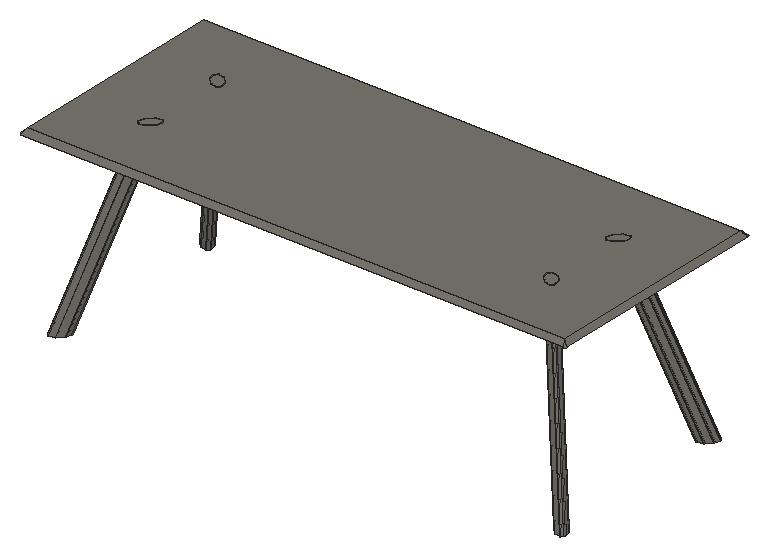
Revit family "Table-Rectangle-Teknion-STBSS_Qui_Without_Power-R2014", category Furniture, Revit 2014
Parameters (values of type "25.5" High")
  Width = 75.000"
  Warranty = "https://d2r72yk5wmppdj.cloudfront.net/m/3754bc876d846fdf/StudioTK--Warranty.pdf"
  Unit Weight = 85.00 lbf  # constant formula
  URL = "www.studiotk.com"
  Table Finish [instance] = Wood - Teknion - DY - Cocoa Brown
  Series = "Studio"
  Product Line = "Qui"
  Product Documentation Link = "https://d2r72yk5wmppdj.cloudfront.net/m/6a067d0f21732b57/Qui_Tables_ppg.pdf"
  Part Number = "STBSS"
  Model = "STBSSF25N"
  Manufacturer Phone = "919-464-2920"
  Manufacturer Fax = "919-464-2927"
  Manufacturer Email = "customersupport@studiotk.com"
  Manufacturer Address = "3941 US 70 Business HWY West, Clayton, NC 27520"
  Manufacturer = "StudioTK"  # constant formula
  Low Emitting Material = yes
  Low Emitting Finish = yes
  Height = 25.500"
  Description = "Qui Rectangular Table Without Power, 31.5\"d x 75\"w / 80cm x 191cm, 25.5\"h / 65cm"
  Depth = 31.500"
  Assembly Code = "E2020200"
Types (3): name | Model | Height | Description
  (no name) | "STBSSF25N" | 25.500" | "Qui Rectangular Table Without Power, 31.5\"d x 75\"w / 80cm x 191cm, 25.5\"h / 65cm"
  25.5" High | "STBSSF25N" | 25.500" | "Qui Rectangular Table Without Power, 31.5\"d x 75\"w / 80cm x 191cm, 25.5\"h / 65cm"
  29" High | "STBSSF29N" | 29.000" | "Qui Rectangular Table Without Power, 31.5\"d x 75\"w / 80cm x 191cm, 29\"h / 74cm"
Reference planes (in)
  plane 1 "Center F/B": y = 0
  plane 2: z = 0
  plane 3 "Center L/R": x = 0
  plane 4 "Left": x = -37.5
  plane 5 "Right": x = 37.5
  plane 6 "Back": y = 15.75
  plane 7 "Front": y = -15.75
  plane 8 "Top": z = 25.5
  plane 9 "Table Base": z = 24.875
  plane 10 "Table Bottom": z = 23.375
  plane 11 "Leg Top": z = 25.525
  plane 12 "Leg Bottom": z = -3.5
  plane 13: x = -21.75
  plane 14: x = 21.75
Forms (in)
  Blend 1, solid, material "Wood - Teknion - DY - Cocoa Brown" <- "Table Finish"
    base sketch origin (0, 0, 23.375) x (-1, 0, 0) y (0, -1, 0)
      loop
        line (30.25, -8.5) -> (30.25, 8.5) -> (-30.25, 8.5) -> (-30.25, -8.5) -> (30.25, -8.5)
    top sketch origin (0, 0, 23.375) x (-1, 0, 0) y (0, -1, 0)
      loop
        line (-31.25, -9.5) -> (31.25, -9.5) -> (31.25, 9.5) -> (-31.25, 9.5) -> (-31.25, -9.5)
    from 0 to 1.5
  Blend 2, solid, material "Wood - Teknion - DY - Cocoa Brown" <- "Table Finish"
    base sketch origin (0, 0, 25.525) x (0, -1, 0) y (1, 0, 0)
      loop
        line (-12.50538, -34.51387) -> (-12.76387, -34.25538)
        arc (-12.76387, -34.25538) -> (-12.82837, -34.21732) -> (-12.90323, -34.21518) r 0.15
        line (-12.90323, -34.21518) -> (-13.66716, -34.38908)
        arc (-13.66716, -34.38908) -> (-13.70639, -34.40404) -> (-13.73993, -34.42927) r 0.15
        line (-13.73993, -34.42927) -> (-14.48351, -35.17285)
        arc (-14.48351, -35.17285) -> (-14.50874, -35.20639) -> (-14.5237, -35.24562) r 0.15
        line (-14.5237, -35.24562) -> (-14.69759, -36.00955)
        arc (-14.69759, -36.00955) -> (-14.69546, -36.08441) -> (-14.6574, -36.14891) r 0.15
        line (-14.6574, -36.14891) -> (-14.39891, -36.4074)
        arc (-14.39891, -36.4074) -> (-14.33441, -36.44546) -> (-14.25955, -36.44759) r 0.15
        line (-14.25955, -36.44759) -> (-13.49562, -36.2737)
        arc (-13.49562, -36.2737) -> (-13.45639, -36.25874) -> (-13.42285, -36.23351) r 0.15
        line (-13.42285, -36.23351) -> (-12.67927, -35.48993)
        arc (-12.67927, -35.48993) -> (-12.65404, -35.45639) -> (-12.63908, -35.41716) r 0.15
        line (-12.63908, -35.41716) -> (-12.46518, -34.65323)
        arc (-12.46518, -34.65323) -> (-12.46732, -34.57837) -> (-12.50538, -34.51387) r 0.15
    top sketch origin (0, 0, 25.525) x (0, -1, 0) y (1, 0, 0)
      loop
        line (-4.67569, -26.68418) -> (-4.93418, -26.42569)
        arc (-4.93418, -26.42569) -> (-4.99868, -26.38763) -> (-5.07354, -26.3855) r 0.15
        line (-5.07354, -26.3855) -> (-5.83747, -26.55939)
        arc (-5.83747, -26.55939) -> (-5.8767, -26.57435) -> (-5.91025, -26.59959) r 0.15
        line (-5.91025, -26.59959) -> (-6.65382, -27.34316)
        arc (-6.65382, -27.34316) -> (-6.67906, -27.3767) -> (-6.69401, -27.41593) r 0.15
        line (-6.69401, -27.41593) -> (-6.86791, -28.17987)
        arc (-6.86791, -28.17987) -> (-6.86577, -28.25473) -> (-6.82771, -28.31922) r 0.15
        line (-6.82771, -28.31922) -> (-6.56922, -28.57771)
        arc (-6.56922, -28.57771) -> (-6.50473, -28.61577) -> (-6.42987, -28.61791) r 0.15
        line (-6.42987, -28.61791) -> (-5.66593, -28.44401)
        arc (-5.66593, -28.44401) -> (-5.6267, -28.42906) -> (-5.59316, -28.40382) r 0.15
        line (-5.59316, -28.40382) -> (-4.84959, -27.66025)
        arc (-4.84959, -27.66025) -> (-4.82435, -27.6267) -> (-4.80939, -27.58747) r 0.15
        line (-4.80939, -27.58747) -> (-4.6355, -26.82354)
        arc (-4.6355, -26.82354) -> (-4.63763, -26.74868) -> (-4.67569, -26.68418) r 0.15
    from -29.025 to -0.025
  Blend 3, solid, material "Wood - Teknion - DY - Cocoa Brown" <- "Table Finish"
    base sketch origin (-21.75, 21.75, 25.525) x (1, 0, 0) y (0, 1, 0)
      loop
        line (-12.50538, -34.51387) -> (-12.76387, -34.25538)
        arc (-12.76387, -34.25538) -> (-12.82837, -34.21732) -> (-12.90323, -34.21518) r 0.15
        line (-12.90323, -34.21518) -> (-13.66716, -34.38908)
        arc (-13.66716, -34.38908) -> (-13.70639, -34.40404) -> (-13.73993, -34.42927) r 0.15
        line (-13.73993, -34.42927) -> (-14.48351, -35.17285)
        arc (-14.48351, -35.17285) -> (-14.50874, -35.20639) -> (-14.5237, -35.24562) r 0.15
        line (-14.5237, -35.24562) -> (-14.69759, -36.00955)
        arc (-14.69759, -36.00955) -> (-14.69546, -36.08441) -> (-14.6574, -36.14891) r 0.15
        line (-14.6574, -36.14891) -> (-14.39891, -36.4074)
        arc (-14.39891, -36.4074) -> (-14.33441, -36.44546) -> (-14.25955, -36.44759) r 0.15
        line (-14.25955, -36.44759) -> (-13.49562, -36.2737)
        arc (-13.49562, -36.2737) -> (-13.45639, -36.25874) -> (-13.42285, -36.23351) r 0.15
        line (-13.42285, -36.23351) -> (-12.67927, -35.48993)
        arc (-12.67927, -35.48993) -> (-12.65404, -35.45639) -> (-12.63908, -35.41716) r 0.15
        line (-12.63908, -35.41716) -> (-12.46518, -34.65323)
        arc (-12.46518, -34.65323) -> (-12.46732, -34.57837) -> (-12.50538, -34.51387) r 0.15
    top sketch origin (-21.75, 21.75, 25.525) x (1, 0, 0) y (0, 1, 0)
      loop
        line (-4.67569, -26.68418) -> (-4.93418, -26.42569)
        arc (-4.93418, -26.42569) -> (-4.99868, -26.38763) -> (-5.07354, -26.3855) r 0.15
        line (-5.07354, -26.3855) -> (-5.83747, -26.55939)
        arc (-5.83747, -26.55939) -> (-5.8767, -26.57435) -> (-5.91025, -26.59959) r 0.15
        line (-5.91025, -26.59959) -> (-6.65382, -27.34316)
        arc (-6.65382, -27.34316) -> (-6.67906, -27.3767) -> (-6.69401, -27.41593) r 0.15
        line (-6.69401, -27.41593) -> (-6.86791, -28.17987)
        arc (-6.86791, -28.17987) -> (-6.86577, -28.25473) -> (-6.82771, -28.31922) r 0.15
        line (-6.82771, -28.31922) -> (-6.56922, -28.57771)
        arc (-6.56922, -28.57771) -> (-6.50473, -28.61577) -> (-6.42987, -28.61791) r 0.15
        line (-6.42987, -28.61791) -> (-5.66593, -28.44401)
        arc (-5.66593, -28.44401) -> (-5.6267, -28.42906) -> (-5.59316, -28.40382) r 0.15
        line (-5.59316, -28.40382) -> (-4.84959, -27.66025)
        arc (-4.84959, -27.66025) -> (-4.82435, -27.6267) -> (-4.80939, -27.58747) r 0.15
        line (-4.80939, -27.58747) -> (-4.6355, -26.82354)
        arc (-4.6355, -26.82354) -> (-4.63763, -26.74868) -> (-4.67569, -26.68418) r 0.15
    from -29.025 to -0.025
  Blend 4, solid, material "Wood - Teknion - DY - Cocoa Brown" <- "Table Finish"
    base sketch origin (0, 0, 25.525) x (0, 1, 0) y (-1, 0, 0)
      loop
        line (-12.50538, -34.51387) -> (-12.76387, -34.25538)
        arc (-12.76387, -34.25538) -> (-12.82837, -34.21732) -> (-12.90323, -34.21518) r 0.15
        line (-12.90323, -34.21518) -> (-13.66716, -34.38908)
        arc (-13.66716, -34.38908) -> (-13.70639, -34.40404) -> (-13.73993, -34.42927) r 0.15
        line (-13.73993, -34.42927) -> (-14.48351, -35.17285)
        arc (-14.48351, -35.17285) -> (-14.50874, -35.20639) -> (-14.5237, -35.24562) r 0.15
        line (-14.5237, -35.24562) -> (-14.69759, -36.00955)
        arc (-14.69759, -36.00955) -> (-14.69546, -36.08441) -> (-14.6574, -36.14891) r 0.15
        line (-14.6574, -36.14891) -> (-14.39891, -36.4074)
        arc (-14.39891, -36.4074) -> (-14.33441, -36.44546) -> (-14.25955, -36.44759) r 0.15
        line (-14.25955, -36.44759) -> (-13.49562, -36.2737)
        arc (-13.49562, -36.2737) -> (-13.45639, -36.25874) -> (-13.42285, -36.23351) r 0.15
        line (-13.42285, -36.23351) -> (-12.67927, -35.48993)
        arc (-12.67927, -35.48993) -> (-12.65404, -35.45639) -> (-12.63908, -35.41716) r 0.15
        line (-12.63908, -35.41716) -> (-12.46518, -34.65323)
        arc (-12.46518, -34.65323) -> (-12.46732, -34.57837) -> (-12.50538, -34.51387) r 0.15
    top sketch origin (0, 0, 25.525) x (0, 1, 0) y (-1, 0, 0)
      loop
        arc (-4.93418, -26.42569) -> (-4.99868, -26.38763) -> (-5.07354, -26.3855) r 0.15
        line (-5.07354, -26.3855) -> (-5.83747, -26.55939)
        arc (-5.83747, -26.55939) -> (-5.8767, -26.57435) -> (-5.91025, -26.59959) r 0.15
        line (-5.91025, -26.59959) -> (-6.65382, -27.34316)
        arc (-6.65382, -27.34316) -> (-6.67906, -27.3767) -> (-6.69401, -27.41593) r 0.15
        line (-6.69401, -27.41593) -> (-6.86791, -28.17987)
        arc (-6.86791, -28.17987) -> (-6.86577, -28.25473) -> (-6.82771, -28.31922) r 0.15
        line (-6.82771, -28.31922) -> (-6.56922, -28.57771)
        arc (-6.56922, -28.57771) -> (-6.50473, -28.61577) -> (-6.42987, -28.61791) r 0.15
        line (-6.42987, -28.61791) -> (-5.66593, -28.44401)
        arc (-5.66593, -28.44401) -> (-5.6267, -28.42906) -> (-5.59316, -28.40382) r 0.15
        line (-5.59316, -28.40382) -> (-4.84959, -27.66025)
        arc (-4.84959, -27.66025) -> (-4.82435, -27.6267) -> (-4.80939, -27.58747) r 0.15
        line (-4.80939, -27.58747) -> (-4.6355, -26.82354)
        arc (-4.6355, -26.82354) -> (-4.63763, -26.74868) -> (-4.67569, -26.68418) r 0.15
        line (-4.67569, -26.68418) -> (-4.93418, -26.42569)
    from -29.025 to -0.025
  Blend 5, solid, material "Wood - Teknion - DY - Cocoa Brown" <- "Table Finish"
    base sketch origin (21.75, -21.75, 25.525) x (-1, 0, 0) y (0, -1, 0)
      loop
        line (-12.50538, -34.51387) -> (-12.76387, -34.25538)
        arc (-12.76387, -34.25538) -> (-12.82837, -34.21732) -> (-12.90323, -34.21518) r 0.15
        line (-12.90323, -34.21518) -> (-13.66716, -34.38908)
        arc (-13.66716, -34.38908) -> (-13.70639, -34.40404) -> (-13.73993, -34.42927) r 0.15
        line (-13.73993, -34.42927) -> (-14.48351, -35.17285)
        arc (-14.48351, -35.17285) -> (-14.50874, -35.20639) -> (-14.5237, -35.24562) r 0.15
        line (-14.5237, -35.24562) -> (-14.69759, -36.00955)
        arc (-14.69759, -36.00955) -> (-14.69546, -36.08441) -> (-14.6574, -36.14891) r 0.15
        line (-14.6574, -36.14891) -> (-14.39891, -36.4074)
        arc (-14.39891, -36.4074) -> (-14.33441, -36.44546) -> (-14.25955, -36.44759) r 0.15
        line (-14.25955, -36.44759) -> (-13.49562, -36.2737)
        arc (-13.49562, -36.2737) -> (-13.45639, -36.25874) -> (-13.42285, -36.23351) r 0.15
        line (-13.42285, -36.23351) -> (-12.67927, -35.48993)
        arc (-12.67927, -35.48993) -> (-12.65404, -35.45639) -> (-12.63908, -35.41716) r 0.15
        line (-12.63908, -35.41716) -> (-12.46518, -34.65323)
        arc (-12.46518, -34.65323) -> (-12.46732, -34.57837) -> (-12.50538, -34.51387) r 0.15
    top sketch origin (21.75, -21.75, 25.525) x (-1, 0, 0) y (0, -1, 0)
      loop
        arc (-4.93418, -26.42569) -> (-4.99868, -26.38763) -> (-5.07354, -26.3855) r 0.15
        line (-5.07354, -26.3855) -> (-5.83747, -26.55939)
        arc (-5.83747, -26.55939) -> (-5.8767, -26.57435) -> (-5.91025, -26.59959) r 0.15
        line (-5.91025, -26.59959) -> (-6.65382, -27.34316)
        arc (-6.65382, -27.34316) -> (-6.67906, -27.3767) -> (-6.69401, -27.41593) r 0.15
        line (-6.69401, -27.41593) -> (-6.86791, -28.17987)
        arc (-6.86791, -28.17987) -> (-6.86577, -28.25473) -> (-6.82771, -28.31922) r 0.15
        line (-6.82771, -28.31922) -> (-6.56922, -28.57771)
        arc (-6.56922, -28.57771) -> (-6.50473, -28.61577) -> (-6.42987, -28.61791) r 0.15
        line (-6.42987, -28.61791) -> (-5.66593, -28.44401)
        arc (-5.66593, -28.44401) -> (-5.6267, -28.42906) -> (-5.59316, -28.40382) r 0.15
        line (-5.59316, -28.40382) -> (-4.84959, -27.66025)
        arc (-4.84959, -27.66025) -> (-4.82435, -27.6267) -> (-4.80939, -27.58747) r 0.15
        line (-4.80939, -27.58747) -> (-4.6355, -26.82354)
        arc (-4.6355, -26.82354) -> (-4.63763, -26.74868) -> (-4.67569, -26.68418) r 0.15
        line (-4.67569, -26.68418) -> (-4.93418, -26.42569)
    from -29.025 to -0.025
  Sweep 6, void
    path origin (0, 0, 0) x (1, 0, 0) y (0, 0, 1)
      loop
        line (0, -5) -> (0, 0)
    profile origin (0, 0, -2.5) x (-1, 0, 0) y (0, -1, 0)
      loop
        line (37.5, -15.75) -> (37.5, 15.75) -> (-37.5, 15.75) -> (-37.5, -15.75) -> (37.5, -15.75)
  Sweep 7, void
    path origin (0, 0, 0) x (1, 0, 0) y (0, 0, 1)
      loop
        line (0, 25.5) -> (0, 25.25)
    profile origin (0, 0, 25.375) x (0, -1, 0) y (1, 0, 0)
      loop
        line (-6.83903, -28.33054) -> (-6.58054, -28.58903)
        arc (-6.58054, -28.58903) -> (-6.50916, -28.63115) -> (-6.42631, -28.63351) r 0.166
        line (-6.42631, -28.63351) -> (-5.66238, -28.45961)
        arc (-5.66238, -28.45961) -> (-5.61897, -28.44306) -> (-5.58184, -28.41513) r 0.166
        line (-5.58184, -28.41513) -> (-4.83827, -27.67156)
        arc (-4.83827, -27.67156) -> (-4.81034, -27.63444) -> (-4.79379, -27.59102) r 0.166
        line (-4.79379, -27.59102) -> (-4.6199, -26.82709)
        arc (-4.6199, -26.82709) -> (-4.62226, -26.74424) -> (-4.66438, -26.67287) r 0.166
        line (-4.66438, -26.67287) -> (-4.92287, -26.41438)
        arc (-4.92287, -26.41438) -> (-4.99424, -26.37226) -> (-5.07709, -26.3699) r 0.166
        line (-5.07709, -26.3699) -> (-5.84102, -26.54379)
        arc (-5.84102, -26.54379) -> (-5.88444, -26.56034) -> (-5.92156, -26.58827) r 0.166
        line (-5.92156, -26.58827) -> (-6.66513, -27.33184)
        arc (-6.66513, -27.33184) -> (-6.69306, -27.36897) -> (-6.70961, -27.41238) r 0.166
        line (-6.70961, -27.41238) -> (-6.88351, -28.17631)
        arc (-6.88351, -28.17631) -> (-6.88115, -28.25916) -> (-6.83903, -28.33054) r 0.166
      loop
        arc (6.42631, -28.63351) -> (6.50916, -28.63115) -> (6.58054, -28.58903) r 0.166
        line (6.58054, -28.58903) -> (6.83903, -28.33054)
        arc (6.83903, -28.33054) -> (6.88115, -28.25916) -> (6.88351, -28.17631) r 0.166
        line (6.88351, -28.17631) -> (6.70961, -27.41238)
        arc (6.70961, -27.41238) -> (6.69306, -27.36897) -> (6.66513, -27.33184) r 0.166
        line (6.66513, -27.33184) -> (5.92156, -26.58827)
        arc (5.92156, -26.58827) -> (5.88444, -26.56034) -> (5.84102, -26.54379) r 0.166
        line (5.84102, -26.54379) -> (5.07709, -26.3699)
        arc (5.07709, -26.3699) -> (4.99424, -26.37226) -> (4.92287, -26.41438) r 0.166
        line (4.92287, -26.41438) -> (4.66438, -26.67287)
        arc (4.66438, -26.67287) -> (4.62226, -26.74424) -> (4.6199, -26.82709) r 0.166
        line (4.6199, -26.82709) -> (4.79379, -27.59102)
        arc (4.79379, -27.59102) -> (4.81034, -27.63444) -> (4.83827, -27.67156) r 0.166
        line (4.83827, -27.67156) -> (5.58184, -28.41513)
        arc (5.58184, -28.41513) -> (5.61897, -28.44306) -> (5.66238, -28.45961) r 0.166
        line (5.66238, -28.45961) -> (6.42631, -28.63351)
      loop
        arc (6.88351, 28.17631) -> (6.88115, 28.25916) -> (6.83903, 28.33054) r 0.166
        line (6.83903, 28.33054) -> (6.58054, 28.58903)
        arc (6.58054, 28.58903) -> (6.50916, 28.63115) -> (6.42631, 28.63351) r 0.166
        line (6.42631, 28.63351) -> (5.66238, 28.45961)
        arc (5.66238, 28.45961) -> (5.61897, 28.44306) -> (5.58184, 28.41513) r 0.166
        line (5.58184, 28.41513) -> (4.83827, 27.67156)
        arc (4.83827, 27.67156) -> (4.81034, 27.63444) -> (4.79379, 27.59102) r 0.166
        line (4.79379, 27.59102) -> (4.6199, 26.82709)
        arc (4.6199, 26.82709) -> (4.62226, 26.74424) -> (4.66438, 26.67287) r 0.166
        line (4.66438, 26.67287) -> (4.92287, 26.41438)
        arc (4.92287, 26.41438) -> (4.99424, 26.37226) -> (5.07709, 26.3699) r 0.166
        line (5.07709, 26.3699) -> (5.84102, 26.54379)
        arc (5.84102, 26.54379) -> (5.88444, 26.56034) -> (5.92156, 26.58827) r 0.166
        line (5.92156, 26.58827) -> (6.66513, 27.33184)
        arc (6.66513, 27.33184) -> (6.69306, 27.36897) -> (6.70961, 27.41238) r 0.166
        line (6.70961, 27.41238) -> (6.88351, 28.17631)
      loop
        arc (-6.83903, 28.33054) -> (-6.88115, 28.25916) -> (-6.88351, 28.17631) r 0.166
        line (-6.88351, 28.17631) -> (-6.70961, 27.41238)
        arc (-6.70961, 27.41238) -> (-6.69306, 27.36897) -> (-6.66513, 27.33184) r 0.166
        line (-6.66513, 27.33184) -> (-5.92156, 26.58827)
        arc (-5.92156, 26.58827) -> (-5.88444, 26.56034) -> (-5.84102, 26.54379) r 0.166
        line (-5.84102, 26.54379) -> (-5.07709, 26.3699)
        arc (-5.07709, 26.3699) -> (-4.99424, 26.37226) -> (-4.92287, 26.41438) r 0.166
        line (-4.92287, 26.41438) -> (-4.66438, 26.67287)
        arc (-4.66438, 26.67287) -> (-4.62226, 26.74424) -> (-4.6199, 26.82709) r 0.166
        line (-4.6199, 26.82709) -> (-4.79379, 27.59102)
        arc (-4.79379, 27.59102) -> (-4.81034, 27.63444) -> (-4.83827, 27.67156) r 0.166
        line (-4.83827, 27.67156) -> (-5.58184, 28.41513)
        arc (-5.58184, 28.41513) -> (-5.61897, 28.44306) -> (-5.66238, 28.45961) r 0.166
        line (-5.66238, 28.45961) -> (-6.42631, 28.63351)
        arc (-6.42631, 28.63351) -> (-6.50916, 28.63115) -> (-6.58054, 28.58903) r 0.166
        line (-6.58054, 28.58903) -> (-6.83903, 28.33054)
  Blend 8, solid, material "Wood - Teknion - DY - Cocoa Brown" <- "Table Finish"
    base sketch origin (-60.50319, 50.35166, 24.875) x (0, 1, 0) y (-1, 0, 0)
      loop
        arc (-34.85166, -98.00319) -> (-34.67488, -97.92996) -> (-34.60166, -97.75319) r 0.25
        line (-34.60166, -97.75319) -> (-34.60166, -23.25319)
        arc (-34.60166, -23.25319) -> (-34.67488, -23.07641) -> (-34.85166, -23.00319) r 0.25
        line (-34.85166, -23.00319) -> (-65.85166, -23.00319)
        arc (-65.85166, -23.00319) -> (-66.02843, -23.07641) -> (-66.10166, -23.25319) r 0.25
        line (-66.10166, -23.25319) -> (-66.10166, -97.75319)
        arc (-66.10166, -97.75319) -> (-66.02843, -97.92996) -> (-65.85166, -98.00319) r 0.25
        line (-65.85166, -98.00319) -> (-34.85166, -98.00319)
    top sketch origin (-60.50319, 50.35166, 25.5) x (0, 1, 0) y (-1, 0, 0)
      loop
        line (-65.47666, -97.37819) -> (-35.22666, -97.37819) -> (-35.22666, -23.62819) -> (-65.47666, -23.62819) -> (-65.47666, -97.37819)
    from 0 to 0
Cuts and joins
  Sweep 6 cuts Blend 3
  Sweep 6 cuts Blend 2
  Sweep 6 cuts Blend 5
  Sweep 6 cuts Blend 4
  Sweep 7 cuts Blend 8
Lines and regions (in)
  Masking region 1
    outline origin (0, 0, 25.525) x (0, -1, 0) y (1, 0, 0)
      loop
        line (-15.75, -37.5) -> (15.75, -37.5) -> (15.75, 37.5) -> (-15.75, 37.5) -> (-15.75, -37.5)
  symbolic lines, detail levels medium+fine
    curve 1: line (36.875, 15.125, 25.525) -> (-36.875, 15.125, 25.525)
    curve 2: line (-36.875, 15.125, 25.525) -> (-36.875, -15.125, 25.525)
    curve 3: line (-36.875, -15.125, 25.525) -> (36.875, -15.125, 25.525)
    curve 4: line (36.875, -15.125, 25.525) -> (36.875, 15.125, 25.525)
  symbolic lines, style "Hidden Lines", detail levels fine
    curve 5: line (31.25, 9.5, 25.525) -> (-31.25, 9.5, 25.525)
    curve 6: line (-30.25, 8.5, 25.525) -> (30.25, 8.5, 25.525)
    curve 7: line (-30.25, -8.5, 25.525) -> (-30.25, 8.5, 25.525)
    curve 8: line (-31.25, 9.5, 25.525) -> (-31.25, -9.5, 25.525)
    curve 9: line (30.25, -8.5, 25.525) -> (-30.25, -8.5, 25.525)
    curve 10: line (-31.25, -9.5, 25.525) -> (31.25, -9.5, 25.525)
    curve 11: line (30.25, 8.5, 25.525) -> (30.25, -8.5, 25.525)
    curve 12: line (31.25, -9.5, 25.525) -> (31.25, 9.5, 25.525)
    curve 13: line (-35.20344, 14.5141, 25.525) -> (-26.59959, 5.91025, 25.525)
    curve 14: line (-36.00955, 14.69759, 25.525) -> (-35.20344, 14.5141, 25.525)
    curve 15: line (-36.4074, 14.39891, 25.525) -> (-36.14891, 14.6574, 25.525)
    curve 16: line (-36.2737, 13.49562, 25.525) -> (-36.44759, 14.25955, 25.525)
    curve 17: line (-27.66025, 4.84959, 25.525) -> (-36.23351, 13.42285, 25.525)
    curve 18: line (-34.65323, 12.46518, 25.525) -> (-35.41716, 12.63908, 25.525)
    curve 19: line (-34.25538, 12.76387, 25.525) -> (-34.51387, 12.50538, 25.525)
    curve 20: line (-34.38908, 13.66716, 25.525) -> (-34.21518, 12.90323, 25.525)
    curve 21: line (-36.23351, -13.42285, 25.525) -> (-27.66025, -4.84959, 25.525)
    curve 22: line (-26.59959, -5.91025, 25.525) -> (-35.17285, -14.48351, 25.525)
    curve 23: line (-36.44759, -14.25955, 25.525) -> (-36.2737, -13.49562, 25.525)
    curve 24: line (-36.14891, -14.6574, 25.525) -> (-36.4074, -14.39891, 25.525)
    curve 25: line (-35.24562, -14.5237, 25.525) -> (-36.00955, -14.69759, 25.525)
    curve 26: line (-34.21518, -12.90323, 25.525) -> (-34.38908, -13.66716, 25.525)
    curve 27: line (-35.41716, -12.63908, 25.525) -> (-34.65323, -12.46518, 25.525)
    curve 28: line (-34.51387, -12.50538, 25.525) -> (-34.25538, -12.76387, 25.525)
    curve 29: line (35.17285, -14.48351, 25.525) -> (26.59959, -5.91025, 25.525)
    curve 30: line (27.66025, -4.84959, 25.525) -> (36.23351, -13.42285, 25.525)
    curve 31: line (34.65323, -12.46518, 25.525) -> (35.41716, -12.63908, 25.525)
    curve 32: line (34.25538, -12.76387, 25.525) -> (34.51387, -12.50538, 25.525)
    curve 33: line (34.38908, -13.66716, 25.525) -> (34.21518, -12.90323, 25.525)
    curve 34: line (36.00955, -14.69759, 25.525) -> (35.24562, -14.5237, 25.525)
    curve 35: line (36.4074, -14.39891, 25.525) -> (36.14891, -14.6574, 25.525)
    curve 36: line (36.2737, -13.49562, 25.525) -> (36.44759, -14.25955, 25.525)
    curve 37: line (36.23351, 13.42285, 25.525) -> (27.66025, 4.84959, 25.525)
    curve 38: line (26.59959, 5.91025, 25.525) -> (35.17285, 14.48351, 25.525)
    curve 39: line (35.24562, 14.5237, 25.525) -> (36.00955, 14.69759, 25.525)
    curve 40: line (36.14891, 14.6574, 25.525) -> (36.4074, 14.39891, 25.525)
    curve 41: line (36.44759, 14.25955, 25.525) -> (36.2737, 13.49562, 25.525)
    curve 42: line (35.41716, 12.63908, 25.525) -> (34.65323, 12.46518, 25.525)
    curve 43: line (34.51387, 12.50538, 25.525) -> (34.25538, 12.76387, 25.525)
    curve 44: line (34.21518, 12.90323, 25.525) -> (34.38908, 13.66716, 25.525)
    curve 45: arc (35.17285, 14.48351, 25.525) -> (35.20639, 14.50874, 25.525) -> (35.24562, 14.5237, 25.525) r 0.15
    curve 46: arc (36.00955, 14.69759, 25.525) -> (36.08441, 14.69546, 25.525) -> (36.14891, 14.6574, 25.525) r 0.15
    curve 47: arc (36.4074, 14.39891, 25.525) -> (36.44546, 14.33441, 25.525) -> (36.44759, 14.25955, 25.525) r 0.15
    curve 48: arc (36.2737, 13.49562, 25.525) -> (36.25874, 13.45639, 25.525) -> (36.23351, 13.42285, 25.525) r 0.15
    curve 49: arc (35.48993, 12.67927, 25.525) -> (35.45639, 12.65404, 25.525) -> (35.41716, 12.63908, 25.525) r 0.15
    curve 50: arc (34.65323, 12.46518, 25.525) -> (34.57837, 12.46732, 25.525) -> (34.51387, 12.50538, 25.525) r 0.15
    curve 51: arc (34.25538, 12.76387, 25.525) -> (34.21732, 12.82837, 25.525) -> (34.21518, 12.90323, 25.525) r 0.15
    curve 52: arc (34.38908, 13.66716, 25.525) -> (34.40404, 13.70639, 25.525) -> (34.42927, 13.73993, 25.525) r 0.15
    curve 53: arc (36.23351, -13.42285, 25.525) -> (36.25874, -13.45639, 25.525) -> (36.2737, -13.49562, 25.525) r 0.15
    curve 54: arc (36.44759, -14.25955, 25.525) -> (36.44546, -14.33441, 25.525) -> (36.4074, -14.39891, 25.525) r 0.15
    curve 55: arc (36.14891, -14.6574, 25.525) -> (36.08441, -14.69546, 25.525) -> (36.00955, -14.69759, 25.525) r 0.15
    curve 56: arc (35.24562, -14.5237, 25.525) -> (35.20639, -14.50874, 25.525) -> (35.17285, -14.48351, 25.525) r 0.15
    curve 57: arc (34.42927, -13.73993, 25.525) -> (34.40404, -13.70639, 25.525) -> (34.38908, -13.66716, 25.525) r 0.15
    curve 58: arc (34.21518, -12.90323, 25.525) -> (34.21732, -12.82837, 25.525) -> (34.25538, -12.76387, 25.525) r 0.15
    curve 59: arc (34.51387, -12.50538, 25.525) -> (34.57837, -12.46732, 25.525) -> (34.65323, -12.46518, 25.525) r 0.15
    curve 60: arc (35.41716, -12.63908, 25.525) -> (35.45639, -12.65404, 25.525) -> (35.48993, -12.67927, 25.525) r 0.15
    curve 61: arc (-34.38908, -13.66716, 25.525) -> (-34.40404, -13.70639, 25.525) -> (-34.42927, -13.73993, 25.525) r 0.15
    curve 62: arc (-34.25538, -12.76387, 25.525) -> (-34.21732, -12.82837, 25.525) -> (-34.21518, -12.90323, 25.525) r 0.15
    curve 63: arc (-34.65323, -12.46518, 25.525) -> (-34.57837, -12.46732, 25.525) -> (-34.51387, -12.50538, 25.525) r 0.15
    curve 64: arc (-35.48993, -12.67927, 25.525) -> (-35.45639, -12.65404, 25.525) -> (-35.41716, -12.63908, 25.525) r 0.15
    curve 65: arc (-36.2737, -13.49562, 25.525) -> (-36.25874, -13.45639, 25.525) -> (-36.23351, -13.42285, 25.525) r 0.15
    curve 66: arc (-36.4074, -14.39891, 25.525) -> (-36.44546, -14.33441, 25.525) -> (-36.44759, -14.25955, 25.525) r 0.15
    curve 67: arc (-36.00955, -14.69759, 25.525) -> (-36.08441, -14.69546, 25.525) -> (-36.14891, -14.6574, 25.525) r 0.15
    curve 68: arc (-35.17285, -14.48351, 25.525) -> (-35.20639, -14.50874, 25.525) -> (-35.24562, -14.5237, 25.525) r 0.15
    curve 69: arc (-34.21518, 12.90323, 25.525) -> (-34.21732, 12.82837, 25.525) -> (-34.25538, 12.76387, 25.525) r 0.15
    curve 70: arc (-34.51387, 12.50538, 25.525) -> (-34.57837, 12.46732, 25.525) -> (-34.65323, 12.46518, 25.525) r 0.15
    curve 71: arc (-34.42927, 13.73993, 25.525) -> (-34.40404, 13.70639, 25.525) -> (-34.38908, 13.66716, 25.525) r 0.15
    curve 72: arc (-35.41716, 12.63908, 25.525) -> (-35.45639, 12.65404, 25.525) -> (-35.48993, 12.67927, 25.525) r 0.15
    curve 73: arc (-36.23351, 13.42285, 25.525) -> (-36.25874, 13.45639, 25.525) -> (-36.2737, 13.49562, 25.525) r 0.15
    curve 74: arc (-35.24562, 14.5237, 25.525) -> (-35.20639, 14.50874, 25.525) -> (-35.17285, 14.48351, 25.525) r 0.15
    curve 75: arc (-36.14891, 14.6574, 25.525) -> (-36.08441, 14.69546, 25.525) -> (-36.00955, 14.69759, 25.525) r 0.15
    curve 76: arc (-36.44759, 14.25955, 25.525) -> (-36.44546, 14.33441, 25.525) -> (-36.4074, 14.39891, 25.525) r 0.15
  symbolic lines, style "Hidden Lines", detail levels medium+fine
    curve 77: line (-28.31922, 6.82771, 25.525) -> (-28.57771, 6.56922, 25.525)
    curve 78: line (-27.41593, 6.69401, 25.525) -> (-28.17987, 6.86791, 25.525)
    curve 79: line (-27.34316, 6.65382, 25.525) -> (-26.59959, 5.91025, 25.525)
    curve 80: line (-26.3855, 5.07354, 25.525) -> (-26.55939, 5.83747, 25.525)
    curve 81: line (-26.68418, 4.67569, 25.525) -> (-26.42569, 4.93418, 25.525)
    curve 82: line (-27.58747, 4.80939, 25.525) -> (-26.82354, 4.6355, 25.525)
    curve 83: line (-27.66025, 4.84959, 25.525) -> (-28.40382, 5.59316, 25.525)
    curve 84: line (-28.61791, 6.42987, 25.525) -> (-28.44401, 5.66593, 25.525)
    curve 85: line (-28.40382, -5.59316, 25.525) -> (-27.66025, -4.84959, 25.525)
    curve 86: line (-28.44401, -5.66593, 25.525) -> (-28.61791, -6.42987, 25.525)
    curve 87: line (-28.57771, -6.56922, 25.525) -> (-28.31922, -6.82771, 25.525)
    curve 88: line (-28.17987, -6.86791, 25.525) -> (-27.41593, -6.69401, 25.525)
    curve 89: line (-26.59959, -5.91025, 25.525) -> (-27.34316, -6.65382, 25.525)
    curve 90: line (-26.55939, -5.83747, 25.525) -> (-26.3855, -5.07354, 25.525)
    curve 91: line (-26.42569, -4.93418, 25.525) -> (-26.68418, -4.67569, 25.525)
    curve 92: line (-26.82354, -4.6355, 25.525) -> (-27.58747, -4.80939, 25.525)
    curve 93: line (26.3855, -5.07354, 25.525) -> (26.55939, -5.83747, 25.525)
    curve 94: line (27.34316, -6.65382, 25.525) -> (26.59959, -5.91025, 25.525)
    curve 95: line (27.41593, -6.69401, 25.525) -> (28.17987, -6.86791, 25.525)
    curve 96: line (28.31922, -6.82771, 25.525) -> (28.57771, -6.56922, 25.525)
    curve 97: line (28.61791, -6.42987, 25.525) -> (28.44401, -5.66593, 25.525)
    curve 98: line (27.66025, -4.84959, 25.525) -> (28.40382, -5.59316, 25.525)
    curve 99: line (27.58747, -4.80939, 25.525) -> (26.82354, -4.6355, 25.525)
    curve 100: line (26.68418, -4.67569, 25.525) -> (26.42569, -4.93418, 25.525)
    curve 101: line (26.82354, 4.6355, 25.525) -> (27.58747, 4.80939, 25.525)
    curve 102: line (28.40382, 5.59316, 25.525) -> (27.66025, 4.84959, 25.525)
    curve 103: line (28.44401, 5.66593, 25.525) -> (28.61791, 6.42987, 25.525)
    curve 104: line (28.57771, 6.56922, 25.525) -> (28.31922, 6.82771, 25.525)
    curve 105: line (28.17987, 6.86791, 25.525) -> (27.41593, 6.69401, 25.525)
    curve 106: line (26.59959, 5.91025, 25.525) -> (27.34316, 6.65382, 25.525)
    curve 107: line (26.55939, 5.83747, 25.525) -> (26.3855, 5.07354, 25.525)
    curve 108: line (26.42569, 4.93418, 25.525) -> (26.68418, 4.67569, 25.525)
    curve 109: arc (26.68418, 4.67569, 25.525) -> (26.74868, 4.63763, 25.525) -> (26.82354, 4.6355, 25.525) r 0.15
    curve 110: arc (26.3855, 5.07354, 25.525) -> (26.38763, 4.99868, 25.525) -> (26.42569, 4.93418, 25.525) r 0.15
    curve 111: arc (26.59959, 5.91025, 25.525) -> (26.57435, 5.8767, 25.525) -> (26.55939, 5.83747, 25.525) r 0.15
    curve 112: arc (27.41593, 6.69401, 25.525) -> (27.3767, 6.67906, 25.525) -> (27.34316, 6.65382, 25.525) r 0.15
    curve 113: arc (28.31922, 6.82771, 25.525) -> (28.25473, 6.86577, 25.525) -> (28.17987, 6.86791, 25.525) r 0.15
    curve 114: arc (28.61791, 6.42987, 25.525) -> (28.61577, 6.50473, 25.525) -> (28.57771, 6.56922, 25.525) r 0.15
    curve 115: arc (28.40382, 5.59316, 25.525) -> (28.42906, 5.6267, 25.525) -> (28.44401, 5.66593, 25.525) r 0.15
    curve 116: arc (27.58747, 4.80939, 25.525) -> (27.6267, 4.82435, 25.525) -> (27.66025, 4.84959, 25.525) r 0.15
    curve 117: arc (26.82354, -4.6355, 25.525) -> (26.74868, -4.63763, 25.525) -> (26.68418, -4.67569, 25.525) r 0.15
    curve 118: arc (27.66025, -4.84959, 25.525) -> (27.6267, -4.82435, 25.525) -> (27.58747, -4.80939, 25.525) r 0.15
    curve 119: arc (28.44401, -5.66593, 25.525) -> (28.42906, -5.6267, 25.525) -> (28.40382, -5.59316, 25.525) r 0.15
    curve 120: arc (28.57771, -6.56922, 25.525) -> (28.61577, -6.50473, 25.525) -> (28.61791, -6.42987, 25.525) r 0.15
    curve 121: arc (28.17987, -6.86791, 25.525) -> (28.25473, -6.86577, 25.525) -> (28.31922, -6.82771, 25.525) r 0.15
    curve 122: arc (27.34316, -6.65382, 25.525) -> (27.3767, -6.67906, 25.525) -> (27.41593, -6.69401, 25.525) r 0.15
    curve 123: arc (26.55939, -5.83747, 25.525) -> (26.57435, -5.8767, 25.525) -> (26.59959, -5.91025, 25.525) r 0.15
    curve 124: arc (26.42569, -4.93418, 25.525) -> (26.38763, -4.99868, 25.525) -> (26.3855, -5.07354, 25.525) r 0.15
    curve 125: arc (-26.3855, -5.07354, 25.525) -> (-26.38763, -4.99868, 25.525) -> (-26.42569, -4.93418, 25.525) r 0.15
    curve 126: arc (-26.59959, -5.91025, 25.525) -> (-26.57435, -5.8767, 25.525) -> (-26.55939, -5.83747, 25.525) r 0.15
    curve 127: arc (-27.41593, -6.69401, 25.525) -> (-27.3767, -6.67906, 25.525) -> (-27.34316, -6.65382, 25.525) r 0.15
    curve 128: arc (-28.31922, -6.82771, 25.525) -> (-28.25473, -6.86577, 25.525) -> (-28.17987, -6.86791, 25.525) r 0.15
    curve 129: arc (-28.61791, -6.42987, 25.525) -> (-28.61577, -6.50473, 25.525) -> (-28.57771, -6.56922, 25.525) r 0.15
    curve 130: arc (-28.40382, -5.59316, 25.525) -> (-28.42906, -5.6267, 25.525) -> (-28.44401, -5.66593, 25.525) r 0.15
    curve 131: arc (-27.58747, -4.80939, 25.525) -> (-27.6267, -4.82435, 25.525) -> (-27.66025, -4.84959, 25.525) r 0.15
    curve 132: arc (-26.68418, -4.67569, 25.525) -> (-26.74868, -4.63763, 25.525) -> (-26.82354, -4.6355, 25.525) r 0.15
    curve 133: arc (-26.82354, 4.6355, 25.525) -> (-26.74868, 4.63763, 25.525) -> (-26.68418, 4.67569, 25.525) r 0.15
    curve 134: arc (-27.66025, 4.84959, 25.525) -> (-27.6267, 4.82435, 25.525) -> (-27.58747, 4.80939, 25.525) r 0.15
    curve 135: arc (-28.44401, 5.66593, 25.525) -> (-28.42906, 5.6267, 25.525) -> (-28.40382, 5.59316, 25.525) r 0.15
    curve 136: arc (-28.57771, 6.56922, 25.525) -> (-28.61577, 6.50473, 25.525) -> (-28.61791, 6.42987, 25.525) r 0.15
    curve 137: arc (-28.17987, 6.86791, 25.525) -> (-28.25473, 6.86577, 25.525) -> (-28.31922, 6.82771, 25.525) r 0.15
    curve 138: arc (-27.34316, 6.65382, 25.525) -> (-27.3767, 6.67906, 25.525) -> (-27.41593, 6.69401, 25.525) r 0.15
    curve 139: arc (-26.55939, 5.83747, 25.525) -> (-26.57435, 5.8767, 25.525) -> (-26.59959, 5.91025, 25.525) r 0.15
    curve 140: arc (-26.42569, 4.93418, 25.525) -> (-26.38763, 4.99868, 25.525) -> (-26.3855, 5.07354, 25.525) r 0.15
Dimensions and locks (in)
  "Height": plane 8 "Top" to plane 2
  equal spacing: plane 4 "Left", plane 3 "Center L/R", plane 5 "Right"
  "Width": plane 4 "Left" to plane 5 "Right"
  equal spacing: plane 6 "Back", plane 1 "Center F/B", plane 7 "Front"
  "Depth": plane 6 "Back" to plane 7 "Front"
  plane 8 "Top" to plane 9 "Table Base" to plane 10 "Table Bottom" = 0.625" locked, 1.500" locked
  locked: plane 6 "Back" to Blend 1 sketch curve at 7.25
  locked: plane 7 "Front" to Blend 1 sketch curve at 7.25
  locked: Blend 1 sketch curve to plane 5 "Right" at 7.25
  locked: plane 4 "Left" to Blend 1 sketch curve at 7.25
  locked: plane 4 "Left" to Blend 1 sketch curve at 6.25
  locked: Blend 1 sketch curve to plane 5 "Right" at 6.25
  locked: plane 6 "Back" to Blend 1 sketch curve at 6.25
  locked: plane 7 "Front" to Blend 1 sketch curve at 6.25
  locked: plane 11 "Leg Top" to plane 8 "Top" at 0.025
  locked: plane 8 "Top" to plane 12 "Leg Bottom" at 29
  locked: plane 4 "Left" to plane 13 at 15.75
  locked: plane 14 to plane 5 "Right" at 15.75
  locked: Blend 2 sketch curve to Blend 2 sketch curve at 1.5  (x2)
  locked: Blend 2 sketch curve to Blend 2 sketch curve at 2.67786  (x2)
  locked: Blend 2 sketch curve to Blend 2 sketch curve at 1.87568  (x4)
  locked: Blend 3 sketch curve to Blend 3 sketch curve at 1.5  (x2)
  locked: Blend 3 sketch curve to Blend 3 sketch curve at 2.67786  (x2)
  locked: Blend 3 sketch curve to Blend 3 sketch curve at 1.87568  (x4)
  locked: Blend 4 sketch curve to Blend 4 sketch curve at 1.5  (x2)
  locked: Blend 4 sketch curve to Blend 4 sketch curve at 2.67786  (x2)
  locked: Blend 4 sketch curve to Blend 4 sketch curve at 1.87568  (x4)
  locked: Blend 5 sketch curve to Blend 5 sketch curve at 1.5  (x2)
  locked: Blend 5 sketch curve to Blend 5 sketch curve at 2.67786  (x2)
  locked: Blend 5 sketch curve to Blend 5 sketch curve at 1.87568  (x4)
  locked: plane 13 to Blend 2 sketch curve at 17.86805
  locked: plane 13 to Blend 2 sketch curve at 0.75
  locked: plane 13 to Blend 3 sketch curve at 17.86805
  locked: plane 13 to Blend 3 sketch curve at 0.75
  locked: plane 14 to Blend 4 sketch curve at 17.86805
  locked: plane 14 to Blend 4 sketch curve at 0.75
  locked: plane 14 to Blend 5 sketch curve at 17.86805
  locked: plane 14 to Blend 5 sketch curve at 0.75
  locked: plane 8 "Top" to Sweep 7 sketch curve at 0.25
  Sweep 7 sketch curve to plane 3 "Center L/R" to Sweep 7 sketch curve = 28.63765" locked, 28.63765" locked  (x2)
  Sweep 7 sketch curve to plane 1 "Center F/B" to Sweep 7 sketch curve = 6.88765" locked, 6.88765" locked  (x2)
  locked: plane 4 "Left" to Blend 8 sketch curve at 0.625
  locked: Blend 8 sketch curve to plane 5 "Right" at 0.625
  locked: plane 6 "Back" to Blend 8 sketch curve at 0.625
  locked: plane 7 "Front" to Blend 8 sketch curve at 0.625
  locked: Blend 4 sketch curve to plane 5 "Right" at 11.11824
  locked: plane 7 "Front" to Blend 4 sketch curve at 11.11824
  locked: Blend 5 sketch curve to plane 5 "Right" at 11.11824
  locked: plane 6 "Back" to Blend 5 sketch curve at 11.11824
  locked: plane 4 "Left" to Blend 2 sketch curve at 11.11824
  locked: plane 6 "Back" to Blend 2 sketch curve at 11.11824
  locked: plane 4 "Left" to Blend 3 sketch curve at 11.11824
  locked: plane 7 "Front" to Blend 3 sketch curve at 11.11824
  locked: plane 12 "Leg Bottom" to Sweep 6 sketch curve at 1.5
  aligned and locked: level to plane 2
  aligned and locked: Blend 1 to plane 10 "Table Bottom"
  aligned and locked: Blend 1 to plane 9 "Table Base"
  aligned and locked: Masking region 1 sketch curve to plane 6 "Back"
  aligned and locked: Masking region 1 sketch curve to plane 7 "Front"
  aligned and locked: plane 4 "Left" to Masking region 1 sketch curve
  aligned and locked: Masking region 1 sketch curve to plane 5 "Right"
  aligned and locked: Blend 1 to curve 5
  aligned and locked: Blend 1 to curve 6
  aligned and locked: curve 7 to Blend 1
  aligned and locked: curve 8 to Blend 1
  aligned and locked: Blend 1 to curve 9
  aligned and locked: Blend 1 to curve 10
  aligned and locked: curve 11 to Blend 1
  aligned and locked: curve 12 to Blend 1
  aligned and locked: Blend 3 to plane 12 "Leg Bottom"
  aligned and locked: Blend 2 to plane 12 "Leg Bottom"
  aligned and locked: plane 12 "Leg Bottom" to Blend 5
  aligned and locked: plane 12 "Leg Bottom" to Blend 4
  aligned and locked: plane 2 to Sweep 6 sketch curve
  aligned and locked: plane 3 "Center L/R" to Sweep 6 sketch curve
  aligned and locked: Sweep 6 sketch curve to plane 6 "Back"
  aligned and locked: plane 4 "Left" to Sweep 6 sketch curve
  aligned and locked: Sweep 6 sketch curve to plane 7 "Front"
  aligned and locked: Sweep 6 sketch curve to plane 5 "Right"
  aligned and locked: curve 45 to cut or joined group of Blend 5, Sweep 6
  aligned and locked: curve 46 to cut or joined group of Blend 5, Sweep 6
  aligned and locked: curve 47 to cut or joined group of Blend 5, Sweep 6
  aligned and locked: curve 48 to cut or joined group of Blend 5, Sweep 6
  aligned and locked: curve 49 to cut or joined group of Blend 5, Sweep 6
  aligned and locked: curve 50 to cut or joined group of Blend 5, Sweep 6
  aligned and locked: curve 51 to cut or joined group of Blend 5, Sweep 6
  aligned and locked: curve 52 to cut or joined group of Blend 5, Sweep 6
  aligned and locked: curve 53 to cut or joined group of Blend 4, Sweep 6
  aligned and locked: curve 54 to cut or joined group of Blend 4, Sweep 6
  aligned and locked: curve 55 to cut or joined group of Blend 4, Sweep 6
  aligned and locked: curve 56 to cut or joined group of Blend 4, Sweep 6
  aligned and locked: curve 57 to cut or joined group of Blend 4, Sweep 6
  aligned and locked: curve 58 to cut or joined group of Blend 4, Sweep 6
  aligned and locked: curve 59 to cut or joined group of Blend 4, Sweep 6
  aligned and locked: curve 60 to cut or joined group of Blend 4, Sweep 6
  aligned and locked: curve 61 to cut or joined group of Blend 3, Sweep 6
  aligned and locked: curve 62 to cut or joined group of Blend 3, Sweep 6
  aligned and locked: curve 63 to cut or joined group of Blend 3, Sweep 6
  aligned and locked: curve 64 to cut or joined group of Blend 3, Sweep 6
  aligned and locked: curve 65 to cut or joined group of Blend 3, Sweep 6
  aligned and locked: curve 66 to cut or joined group of Blend 3, Sweep 6
  aligned and locked: curve 67 to cut or joined group of Blend 3, Sweep 6
  aligned and locked: curve 68 to cut or joined group of Blend 3, Sweep 6
  aligned and locked: curve 69 to cut or joined group of Blend 2, Sweep 6
  aligned and locked: curve 70 to cut or joined group of Blend 2, Sweep 6
  aligned and locked: curve 71 to cut or joined group of Blend 2, Sweep 6
  aligned and locked: curve 72 to cut or joined group of Blend 2, Sweep 6
  aligned and locked: curve 73 to cut or joined group of Blend 2, Sweep 6
  aligned and locked: curve 74 to cut or joined group of Blend 2, Sweep 6
  aligned and locked: curve 75 to cut or joined group of Blend 2, Sweep 6
  aligned and locked: curve 76 to cut or joined group of Blend 2, Sweep 6
  aligned and locked: cut or joined group of Blend 2, Sweep 6 to curve 79
  aligned and locked: curve 133 to cut or joined group of Blend 2, Sweep 6
  aligned and locked: curve 134 to cut or joined group of Blend 2, Sweep 6
  aligned and locked: curve 135 to cut or joined group of Blend 2, Sweep 6
  aligned and locked: curve 136 to cut or joined group of Blend 2, Sweep 6
  aligned and locked: curve 137 to cut or joined group of Blend 2, Sweep 6
  aligned and locked: curve 138 to cut or joined group of Blend 2, Sweep 6
  aligned and locked: curve 139 to cut or joined group of Blend 2, Sweep 6
  aligned and locked: curve 140 to cut or joined group of Blend 2, Sweep 6
  aligned and locked: plane 8 "Top" to Blend 3
  aligned and locked: plane 8 "Top" to Blend 2
  aligned and locked: plane 8 "Top" to Blend 4
  aligned and locked: plane 8 "Top" to Blend 5
  aligned and locked: Sweep 7 sketch curve to plane 3 "Center L/R"
  aligned and locked: plane 8 "Top" to Sweep 7 sketch curve
  aligned and locked: Blend 8 sketch curve to plane 7 "Front"
  aligned and locked: Blend 8 sketch curve to plane 5 "Right"
  aligned and locked: plane 6 "Back" to Blend 8 sketch curve
  aligned and locked: plane 4 "Left" to Blend 8 sketch curve
Automatic sketch dimensions
  curve 1 to plane 6 "Back" = 0.625"
  plane 4 "Left" to curve 1 = 0.625"
  curve 39 to curve 46 = 0.14626"
  curve 14 to curve 75 = 0.14626"
  curve 39 to curve 40 = 0.04019"
  curve 75 to curve 15 = 0.04019"
  curve 39 to curve 45 = 0.14626"
  curve 45 to curve 38 = 0.04019"
  curve 40 to plane 5 "Right" = 1.0926"
  plane 4 "Left" to curve 15 = 1.0926"
  plane 4 "Left" to curve 16 = 1.05241"
  curve 41 to plane 5 "Right" = 1.05241"
  curve 20 to curve 71 = 0.03329"
  curve 44 to curve 52 = 0.03329"
  plane 4 "Left" to curve 16 = 1.2263"
  curve 41 to plane 5 "Right" = 1.2263"
  curve 37 to plane 5 "Right" = 1.26649"
  plane 4 "Left" to curve 17 = 1.26649"
  curve 20 to curve 69 = 0.03329"
  curve 44 to curve 51 = 0.03329"
  curve 44 to curve 43 = 0.13936"
  curve 69 to curve 19 = 0.13936"
  curve 42 to plane 5 "Right" = 2.08284"
  plane 4 "Left" to curve 18 = 2.08284"
  plane 4 "Left" to curve 19 = 2.98613"
  curve 43 to plane 5 "Right" = 2.98613"
  plane 4 "Left" to curve 18 = 2.84677"
  curve 42 to plane 5 "Right" = 2.84677"
  curve 78 to plane 13 = 6.42987"
  curve 6 to curve 105 = 1.63209"
  curve 113 to curve 104 = 0.04019"
  curve 77 to plane 13 = 6.56922"
  curve 78 to plane 13 = 5.66593"
  plane 14 to curve 105 = 5.66593"
  curve 105 to curve 105 = 0.1739"
  curve 113 to curve 104 = 0.25849"  (x2)
  curve 77 to curve 136 = 0.10607"
  curve 136 to curve 84 = 0.13936"
  curve 104 to curve 103 = 0.13936"
  curve 13 to plane 13 = 4.84959"
  plane 14 to curve 106 = 4.84959"
  curve 38 to curve 107 = 0.07277"
  curve 80 to plane 13 = 4.80939"
  curve 114 to curve 103 = 0.76393"
  curve 135 to curve 84 = 0.03329"
  curve 111 to curve 107 = 0.76393"
  curve 80 to plane 13 = 4.6355"
  curve 107 to curve 108 = 0.13936"
  curve 81 to plane 13 = 4.67569"
  curve 115 to curve 37 = 0.81634"
  curve 134 to curve 83 = 0.10607"
  curve 17 to curve 82 = 0.04019"
  curve 37 to curve 101 = 0.04019"
  curve 110 to curve 108 = 0.25849"
  curve 133 to curve 81 = 0.10607"
  curve 81 to curve 82 = 0.04019"
  curve 108 to curve 101 = 0.04019"
  plane 1 "Center F/B" to curve 92 = 4.6355"
  plane 1 "Center F/B" to curve 99 = 4.6355"
  curve 92 to curve 91 = 0.04019"
  curve 117 to curve 100 = 0.04019"
  curve 92 to curve 92 = 0.1739"
  curve 117 to curve 99 = 0.1739"
  curve 118 to curve 30 = 0.04019"
  curve 92 to curve 85 = 0.04019"
  curve 117 to curve 100 = 0.25849"
  curve 132 to curve 91 = 0.25849"  (x2)
  curve 91 to curve 90 = 0.13936"
  curve 124 to curve 93 = 0.13936"
  curve 131 to curve 86 = 0.81634"
  curve 118 to curve 97 = 0.81634"
  curve 93 to curve 93 = 0.76393"
  curve 90 to curve 90 = 0.76393"
  plane 14 to curve 29 = 4.84959"
  curve 22 to plane 13 = 4.84959"
  curve 97 to curve 97 = 0.76393"
  curve 130 to curve 86 = 0.76393"
  curve 97 to curve 96 = 0.13936"
  curve 129 to curve 87 = 0.13936"
  curve 88 to plane 13 = 5.66593"
  curve 22 to curve 88 = 0.78376"
  plane 14 to curve 95 = 5.66593"
  curve 29 to curve 95 = 0.78376"
  curve 129 to curve 87 = 0.25849"  (x2)
  curve 120 to curve 96 = 0.25849"
  curve 87 to curve 88 = 0.04019"
  curve 121 to curve 95 = 0.04019"
  curve 31 to plane 5 "Right" = 2.84677"
  plane 4 "Left" to curve 27 = 2.84677"
  plane 4 "Left" to curve 28 = 2.98613"
  curve 32 to plane 5 "Right" = 2.98613"
  plane 4 "Left" to curve 27 = 2.08284"
  curve 31 to plane 5 "Right" = 2.08284"
  curve 32 to curve 58 = 0.10607"
  curve 28 to curve 62 = 0.10607"
  curve 28 to curve 26 = 0.13936"
  curve 32 to curve 33 = 0.13936"
  curve 30 to plane 5 "Right" = 1.26649"
  plane 4 "Left" to curve 21 = 1.26649"
  curve 36 to plane 5 "Right" = 1.2263"
  plane 4 "Left" to curve 23 = 1.2263"
  curve 61 to curve 26 = 0.03329"
  curve 57 to curve 33 = 0.03329"
  curve 36 to plane 5 "Right" = 1.05241"
  plane 4 "Left" to curve 23 = 1.05241"
  plane 4 "Left" to curve 24 = 1.0926"
  curve 35 to plane 5 "Right" = 1.0926"
  curve 56 to curve 29 = 0.10607"
  curve 68 to curve 22 = 0.10607"
  curve 29 to curve 34 = 0.04019"
  curve 68 to curve 25 = 0.04019"
  curve 67 to curve 24 = 0.10607"
  curve 55 to curve 35 = 0.10607"
  curve 24 to curve 25 = 0.04019"
  curve 55 to curve 34 = 0.04019"
  curve 2 to plane 7 "Front" = 0.625"
  curve 74 to curve 13 = 0.0096"
  curve 13 to curve 74 = 0.03059"
  curve 52 to curve 44 = 0.07277"
  curve 71 to curve 71 = 0.07277"
  curve 72 to curve 72 = 0.04019"
  curve 49 to curve 42 = 0.04019"
  curve 113 to curve 113 = 0.14626"
  curve 138 to curve 138 = 0.04019"
  curve 105 to curve 112 = 0.04019"
  curve 79 to plane 13 = 5.59316"
  curve 106 to curve 112 = 0.000"  (x2)
  curve 106 to curve 112 = 0.10607"
  curve 114 to curve 103 = 0.03329"
  curve 107 to curve 111 = 0.03329"
  curve 115 to curve 115 = 0.03329"
  curve 135 to curve 83 = 0.07277"
  curve 135 to curve 83 = 0.000"
  curve 115 to curve 115 = 0.07277"
  curve 102 to curve 115 = 0.000"  (x2)
  curve 110 to curve 108 = 0.10607"
  curve 116 to curve 37 = 0.10607"
  curve 109 to curve 108 = 0.10607"
  curve 100 to curve 117 = 0.10607"
  curve 91 to curve 132 = 0.10607"
  curve 21 to curve 131 = 0.10607"
  curve 30 to curve 118 = 0.10607"
  curve 124 to curve 93 = 0.03329"
  curve 91 to curve 125 = 0.10607"
  curve 85 to curve 130 = 0.07277"
  curve 98 to curve 119 = 0.07277"
  curve 119 to curve 98 = 0.000"
  curve 130 to curve 85 = 0.000"
  curve 85 to curve 130 = 0.10607"
  curve 119 to curve 119 = 0.10607"
  curve 123 to curve 93 = 0.03329"
  curve 126 to curve 22 = 0.10607"
  curve 86 to curve 129 = 0.03329"
  curve 97 to curve 120 = 0.03329"
  curve 127 to curve 88 = 0.14626"
  curve 122 to curve 122 = 0.14626"
  curve 122 to curve 122 = 0.04019"
  curve 127 to curve 88 = 0.04019"
  curve 94 to curve 122 = 0.000"  (x2)
  curve 89 to curve 127 = 0.000"  (x2)
  curve 121 to curve 95 = 0.14626"
  curve 128 to curve 128 = 0.14626"
  curve 31 to curve 60 = 0.04019"
  curve 64 to curve 64 = 0.04019"
  curve 61 to curve 61 = 0.07277"
  curve 33 to curve 57 = 0.07277"
  curve 86 to curve 130 = 0.21409"
  curve 129 to curve 87 = 0.04019"
  curve 86 to curve 130 = 0.04019"
  curve 87 to curve 88 = 0.13936"
  curve 21 to curve 92 = 0.07277"
  curve 131 to curve 92 = 0.76393"
  curve 132 to curve 91 = 0.13936"
  curve 126 to curve 90 = 0.04019"
  curve 91 to curve 90 = 0.04019"
  curve 93 to curve 29 = 0.21409"
  curve 107 to curve 38 = 0.21409"
  curve 93 to curve 100 = 0.04019"
  curve 107 to curve 108 = 0.04019"
  curve 93 to curve 29 = 0.04019"
  curve 107 to curve 38 = 0.04019"
  curve 100 to curve 100 = 0.25849"
  curve 108 to curve 108 = 0.25849"
  curve 108 to curve 101 = 0.13936"
  curve 100 to curve 99 = 0.13936"
  curve 99 to curve 30 = 0.07277"
  curve 101 to curve 37 = 0.07277"
  curve 95 to curve 95 = 0.76393"
  curve 112 to curve 105 = 0.76393"
  curve 95 to curve 96 = 0.13936"
  curve 113 to curve 104 = 0.13936"
  curve 115 to curve 103 = 0.04019"
  curve 119 to curve 97 = 0.04019"
  curve 96 to curve 96 = 0.25849"
  curve 96 to curve 97 = 0.04019"
  curve 104 to curve 103 = 0.04019"
  curve 4 to plane 5 "Right" = 0.625"
  curve 83 to curve 135 = 0.000"
  curve 85 to curve 130 = 0.000"
  curve 98 to curve 119 = 0.000"
  Blend 2 sketch curve to plane 6 "Back" = 1.05241"
  plane 4 "Left" to Blend 2 sketch curve = 1.05241"
  Blend 2 sketch curve to Blend 2 sketch curve = 0.04019"  (x11)
  Blend 2 sketch curve to Blend 2 sketch curve = 0.1739"  (x2)
  Blend 2 sketch curve to Blend 2 sketch curve = 0.25849"  (x4)
  Blend 2 sketch curve to Blend 2 sketch curve = 0.13936"  (x4)
  Blend 2 sketch curve to Blend 2 sketch curve = 0.74357"  (x3)
  Blend 2 sketch curve to Blend 2 sketch curve = 0.07277"  (x5)
  Blend 2 sketch curve to Blend 2 sketch curve = 0.76393"  (x3)
  plane 4 "Left" to Blend 2 sketch curve = 1.26649"
  plane 4 "Left" to Blend 2 sketch curve = 2.01007"
  plane 4 "Left" to Blend 2 sketch curve = 2.08284"
  plane 4 "Left" to Blend 2 sketch curve = 2.84677"
  Blend 2 sketch curve to Blend 2 sketch curve = 0.10607"  (x9)
  Blend 2 sketch curve to Blend 2 sketch curve = 0.14626"  (x5)
  Blend 2 sketch curve to Blend 2 sketch curve = 0.03329"  (x2)
  Blend 2 sketch curve to plane 1 "Center F/B" = 6.86791"
  Blend 2 sketch curve to plane 13 = 6.86791"
  Blend 2 sketch curve to plane 13 = 5.66593"
  Blend 2 sketch curve to plane 13 = 5.59316"
  Blend 2 sketch curve to plane 13 = 4.80939"
  Blend 2 sketch curve to plane 13 = 4.6355"
  plane 4 "Left" to Blend 3 sketch curve = 1.05241"
  Blend 3 sketch curve to plane 7 "Front" = 1.05241"
  Blend 3 sketch curve to Blend 3 sketch curve = 0.04019"  (x11)
  Blend 3 sketch curve to Blend 3 sketch curve = 0.1739"  (x2)
  Blend 3 sketch curve to Blend 3 sketch curve = 0.25849"  (x4)
  Blend 3 sketch curve to Blend 3 sketch curve = 0.13936"  (x4)
  Blend 3 sketch curve to Blend 3 sketch curve = 0.74357"  (x3)
  Blend 3 sketch curve to Blend 3 sketch curve = 0.07277"  (x5)
  Blend 3 sketch curve to Blend 3 sketch curve = 0.76393"  (x3)
  Blend 3 sketch curve to plane 7 "Front" = 1.26649"
  Blend 3 sketch curve to plane 7 "Front" = 2.01007"
  Blend 3 sketch curve to plane 7 "Front" = 2.08284"
  Blend 3 sketch curve to plane 7 "Front" = 2.84677"
  Blend 3 sketch curve to Blend 3 sketch curve = 0.14626"  (x3)
  Blend 3 sketch curve to Blend 3 sketch curve = 0.10607"  (x9)
  Blend 3 sketch curve to Blend 3 sketch curve = 0.03329"  (x4)
  Blend 3 sketch curve to plane 13 = 6.86791"
  plane 1 "Center F/B" to Blend 3 sketch curve = 6.86791"
  plane 1 "Center F/B" to Blend 3 sketch curve = 5.66593"
  plane 1 "Center F/B" to Blend 3 sketch curve = 5.59316"
  plane 1 "Center F/B" to Blend 3 sketch curve = 4.80939"
  plane 1 "Center F/B" to Blend 3 sketch curve = 4.6355"
  Blend 4 sketch curve to plane 7 "Front" = 1.05241"
  Blend 4 sketch curve to plane 5 "Right" = 1.05241"
  Blend 4 sketch curve to Blend 4 sketch curve = 0.04019"  (x11)
  Blend 4 sketch curve to Blend 4 sketch curve = 0.1739"  (x2)
  Blend 4 sketch curve to Blend 4 sketch curve = 0.25849"  (x4)
  Blend 4 sketch curve to Blend 4 sketch curve = 0.13936"  (x4)
  Blend 4 sketch curve to Blend 4 sketch curve = 0.74357"  (x3)
  Blend 4 sketch curve to Blend 4 sketch curve = 0.07277"  (x5)
  Blend 4 sketch curve to Blend 4 sketch curve = 0.76393"  (x3)
  Blend 4 sketch curve to plane 5 "Right" = 1.26649"
  Blend 4 sketch curve to plane 5 "Right" = 2.01007"
  Blend 4 sketch curve to plane 5 "Right" = 2.08284"
  Blend 4 sketch curve to plane 5 "Right" = 2.84677"
  Blend 4 sketch curve to Blend 4 sketch curve = 0.10607"  (x12)
  Blend 4 sketch curve to Blend 4 sketch curve = 0.03329"  (x2)
  Blend 4 sketch curve to Blend 4 sketch curve = 0.14626"  (x2)
  plane 1 "Center F/B" to Blend 4 sketch curve = 6.86791"
  plane 14 to Blend 4 sketch curve = 6.86791"
  plane 14 to Blend 4 sketch curve = 5.66593"
  plane 14 to Blend 4 sketch curve = 5.59316"
  plane 14 to Blend 4 sketch curve = 4.80939"
  plane 14 to Blend 4 sketch curve = 4.6355"
  Blend 5 sketch curve to plane 5 "Right" = 1.05241"
  Blend 5 sketch curve to plane 6 "Back" = 1.05241"
  Blend 5 sketch curve to Blend 5 sketch curve = 0.04019"  (x11)
  Blend 5 sketch curve to Blend 5 sketch curve = 0.1739"  (x2)
  Blend 5 sketch curve to Blend 5 sketch curve = 0.25849"  (x4)
  Blend 5 sketch curve to Blend 5 sketch curve = 0.13936"  (x4)
  Blend 5 sketch curve to Blend 5 sketch curve = 0.74357"  (x3)
  Blend 5 sketch curve to Blend 5 sketch curve = 0.07277"  (x5)
  Blend 5 sketch curve to Blend 5 sketch curve = 0.76393"  (x3)
  Blend 5 sketch curve to plane 6 "Back" = 1.26649"
  Blend 5 sketch curve to plane 6 "Back" = 2.01007"
  Blend 5 sketch curve to plane 6 "Back" = 2.08284"
  Blend 5 sketch curve to plane 6 "Back" = 2.84677"
  Blend 5 sketch curve to Blend 5 sketch curve = 0.10607"  (x8)
  Blend 5 sketch curve to Blend 5 sketch curve = 0.14626"  (x4)
  Blend 5 sketch curve to Blend 5 sketch curve = 0.03329"  (x4)
  plane 14 to Blend 5 sketch curve = 6.86791"
  Blend 5 sketch curve to plane 1 "Center F/B" = 6.86791"
  Blend 5 sketch curve to plane 1 "Center F/B" = 5.66593"
  Blend 5 sketch curve to plane 1 "Center F/B" = 5.59316"
  Blend 5 sketch curve to plane 1 "Center F/B" = 4.80939"
  Blend 5 sketch curve to plane 1 "Center F/B" = 4.6355"
  Sweep 7 sketch curve to plane 1 "Center F/B" = 6.88351"
  Sweep 7 sketch curve to plane 1 "Center F/B" = 6.42631"
  profile plane to Sweep 7 sketch curve = 28.63351"
  Sweep 7 sketch curve to Sweep 7 sketch curve = 0.45719"
  Sweep 7 sketch curve to Sweep 7 sketch curve = 0.04448"  (x28)
  Sweep 7 sketch curve to Sweep 7 sketch curve = 0.1739"  (x8)
  Sweep 7 sketch curve to Sweep 7 sketch curve = 0.15422"  (x12)
  Sweep 7 sketch curve to Sweep 7 sketch curve = 0.25849"  (x15)
  Sweep 7 sketch curve to Sweep 7 sketch curve = 0.74357"  (x16)
  Sweep 7 sketch curve to Sweep 7 sketch curve = 0.08054"  (x16)
  Sweep 7 sketch curve to Sweep 7 sketch curve = 0.76393"  (x16)
  plane 1 "Center F/B" to Sweep 7 sketch curve = 4.6199"  (x2)
  Sweep 7 sketch curve to Sweep 7 sketch curve = 0.16186"  (x6)
  Sweep 7 sketch curve to Sweep 7 sketch curve = 0.11738"  (x19)
  Sweep 7 sketch curve to Sweep 7 sketch curve = 0.03684"  (x7)
  Sweep 7 sketch curve to Sweep 7 sketch curve = 0.000"  (x2)
  Sweep 7 sketch curve to profile plane = 26.3699"
  Blend 8 sketch curve to plane 7 "Front" = 0.250"
  Blend 8 sketch curve to plane 5 "Right" = 0.250"
  Blend 8 sketch curve to plane 6 "Back" = 0.250"  (x2)
